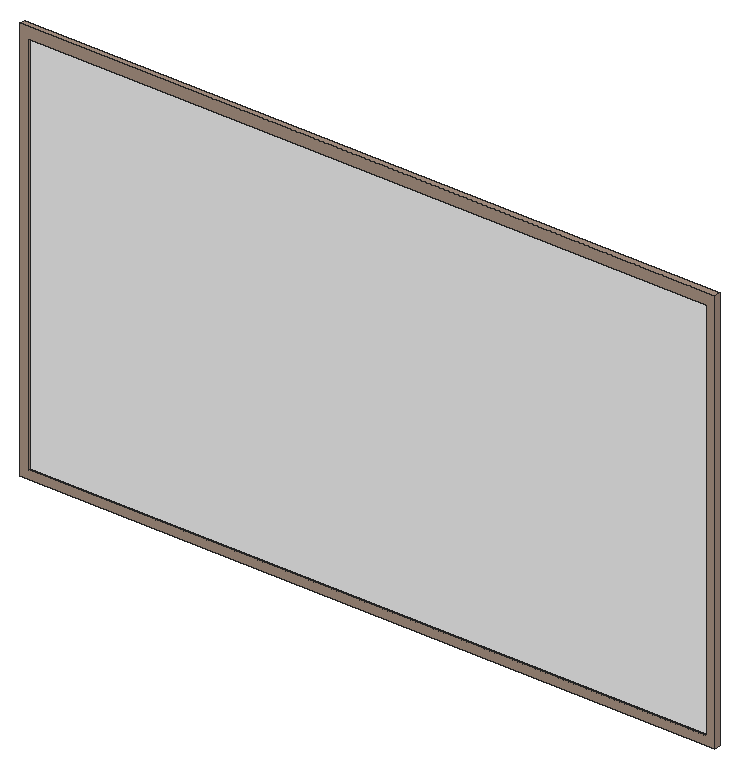
Revit family
Parameters (values of type "2450 x 1390 mm")
  Width = 2450 mm
  Height = 1390 mm
  Mounting Height = 1120 mm
  Material of Mirror = Mirror Material
  Material of Beading = Beading Material
Reference planes
  plane 1 "Center (Front/Back)": y = 8
  plane 2: z = 0
  plane 3 "Center (Left/Right)": x = 0
  plane 4: x = -1225
  plane 5: x = 1225
  plane 6: z = 1120
  plane 7: z = 2510
  plane 8: y = -11
Forms (mm)
  Extrusion 1, solid, material "Beading Material" <- "Material of Beading"
    sketch origin (-89, 8, 0) x (1, 0, 0) y (0, 0, 1)
      loop
        line (-1136, 1120) -> (1314, 1120) -> (1314, 2550) -> (-1136, 2550) -> (-1136, 1120)
      loop
        line (-1106, 1150) -> (1284, 1150) -> (1284, 2510) -> (-1106, 2510) -> (-1106, 1150)
    from 0 to 19
  Extrusion 2, solid, material "Mirror Material" <- "Material of Mirror"
    sketch origin (-89, 8, 0) x (1, 0, 0) y (0, 0, 1)
      loop
        line (-1106, 1150) -> (1284, 1150) -> (1284, 2510) -> (-1106, 2510) -> (-1106, 1150)
    from 0 to 12
Dimensions and locks
  "Height": plane 7 to plane 6
  "Mounting Height": plane 6 to level
  "Width": plane 5 to plane 4
  locked: plane 8 to plane 1 "Center (Front/Back)" at 19
  plane 4 to plane 5 = 2450 mm
  equal spacing: plane 5, plane 3 "Center (Left/Right)", plane 4
  Extrusion 2 to Extrusion 1 = 2420 mm
  aligned and locked: Extrusion 2 sketch curve to Extrusion 1
  aligned and locked: Extrusion 2 to plane 1 "Center (Front/Back)"
  aligned and locked: Extrusion 1 to plane 8
Automatic sketch dimensions
  Extrusion 1 sketch curve to plane 4 = 0 mm
  Extrusion 1 sketch curve to plane 5 = 0 mm
  Extrusion 1 sketch curve to plane 6 = 0 mm
  plane 4 to Extrusion 1 sketch curve = 30 mm
  Extrusion 1 sketch curve to plane 5 = 30 mm
  plane 6 to Extrusion 1 sketch curve = 30 mm
  plane 7 to Extrusion 1 sketch curve = 0 mm
  Extrusion 1 sketch curve to Extrusion 1 sketch curve = 40 mm
  plane 4 to Extrusion 2 sketch curve = 30 mm
  Extrusion 2 sketch curve to plane 5 = 30 mm
  plane 7 to Extrusion 2 sketch curve = 0 mm
